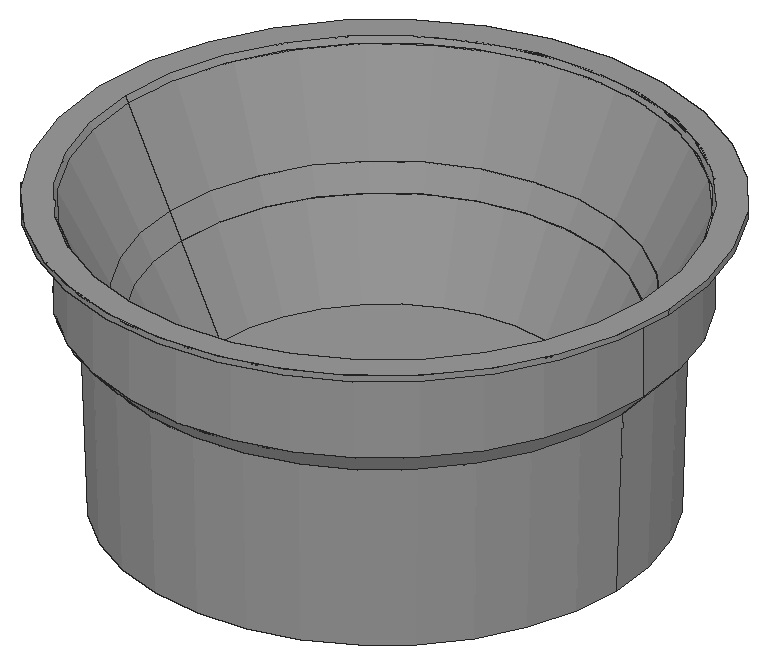
Revit family "2070146", category Lighting Fixtures, host Face, Revit 2018
Family settings
  Host = Face
  Round Connector Dimension = Use Diameter
  Part Type = Normal
  OmniClass Number = 23.80.70.00
  OmniClass Title = Lighting
  Cut with Voids When Loaded = No
  Light Source = Yes
  Shared = No
  Room Calculation Point = No
Parameters (values of type "2070146 SOLST 200  2300LM 930  DALI ")
  Weight = "n/a"
  Wattage Comments = ""
  Wattage = 9.2903 W
  WarrantyStartDate [instance] = "n/a"
  WarrantyGuarantorParts = "n/a"
  WarrantyDurationUnit = "n/a"
  WarrantyDurationParts = ""
  WarrantyDescription = "http://www.sylvania-lighting.com"
  built-in parameter 1150110 = 1 (stored number, unit not read)
  Voltage = 0 V
  URL = "0.96"
  TypeName = "Solstice 200 2300lm 930  DALI"
  Type Image = <None>
  Type Comments = "n/a"
  built-in parameter 1114217 = 1 (stored number, unit not read)
  Tilt Angle = -90.00°
  built-in parameter 1150109 = 1 (stored number, unit not read)
  built-in parameter 1150134 = 3
  built-in parameter 1150113 = 1 (stored number, unit not read)
  SerialNumber [instance] = "n/a"
  Photometric Web File = "2070146.IES"
  Material_3_SYL = none
  PowerFactor = 0
  PowerConsumption = "Lighting"
  NominalLength = 215 mm
  NominalHeight = 100 mm
  NominalDepth = 215 mm
  Name = "Solstice 200 2300lm 930  DALI"
  ModelReference = Name  # "Solstice 200 2300lm 930  DALI"
  ModelNumber = "2070146"
  Model = Name  # "Solstice 200 2300lm 930  DALI"
  Material = "Feilo Sylvania"
  ManufacturerName = "135 lm/W"
  Manufacturer = ""
  LuminousEfficacy = ""
  built-in parameter 1150105 = 109.82 (stored number, unit not read)
  Lumens = 1380 lm
  LuminaireType = "0"
  built-in parameter 1150115 = 1 (stored number, unit not read)
  LightOutputRatio = "LED"
  built-in parameter 1150137 = (empty or 0)
  built-in parameter 1150139 = (empty or 0)
  LampsType = Lamp  # "n/a"
  LampNominalLuminous = "3000 K"
  LampMacAdamStep = "90"
  LampColourTemperature = "LED"
  LampColourRenderingIndex = "16500"
  built-in parameter 1150112 = 1 (stored number, unit not read)
  built-in parameter 1150114 = 1 (stored number, unit not read)
  Lamp = "n/a"
  Keynote = "n/a"
  InstallationDate [instance] = "n/a"
  InputVoltage = "0"
  InputNominalFrequency = "3000"
  built-in parameter 1150132 = (empty or 0)
  built-in parameter 1150102 = (empty or 0)
  built-in parameter 1150107 = 3200 (stored number, unit not read)
  built-in parameter 1150138 = (empty or 0)
  IngressProtection = "IfcLightFixtureType"
  ImpactProtectionIndex = "IfcLightFixtureType"
  built-in parameter 1150106 = 1.0982 (stored number, unit not read)
  IfcExportType = "IfcLightFixtureType"
  IfcExportAs = "Class II"
  Emit from Circle Diameter = 609.6 mm
  Emit Shape Visible in Rendering = no
  ElectricShockClassification = "135"
  built-in parameter 1150104 = 13.8 (stored number, unit not read)
  DocumentationLiterature = "http://www.sylvania-lighting.com/product/en-int/products/2070146"
  DimmingControlOptions = "n/a"
  Material_2_SYL = none
  Dimming Lamp Color Temperature Shift = <None>
  Description = "The Solstice 200 2300lm 930 DALI is a high efficient DALI dimmable downlight luminaire, Colour rendering index Ra>90, Colour temperature: 3000K Warm White, Class II, Protection rating IP40/IP20, Cut out dimensions: 200mm."
  Default Elevation = 1219.2 mm
  CreatedOn = "03/08/2023"
  CreatedBy = "@sylvania-lighting.com"
  Cost = 0
  Color Filter = 16777215
  built-in parameter 1114216 [instance] = (empty or 0)
  ClassificationValue = "EF_70_80"
  ClassificationName = "Uniclass2015"
  Material_1_SYL = none
  BarCode [instance] = "n/a"
  built-in parameter 1114218 = 1 (stored number, unit not read)
  built-in parameter 1150133 = 10 (stored number, unit not read)
  AssetType = "Fixed"
  AssetIdentifier [instance] = "n/a"
  Assembly Code = "D5020200"
  Apparent Load = 17 VA
  Material_4_SYL = none
Reference planes
  plane 1 "Center (Front/Back)": y = 0
  plane 2: z = 0
  plane 3 "Center (Left/Right)": x = 0
  plane 4: x = -107.5
  plane 5: x = 107.5
  plane 6: y = 107.5
  plane 7: y = -107.5
  plane 8: z = -100
  plane 9: through (22.818, 35.261, 1219.2) normal (0.8403, -0.5421, 0)
Forms (mm)
  Extrusion 1, solid, material "Aluminum", detail levels medium+fine
    sketch origin (0, 0, 0) x (1, 0, 0) y (0, 1, 0)
      loop
        circle (0, 0) r 107.5
    from 0 to 2
  Extrusion 2, solid, material "Aluminum", detail levels medium+fine
    sketch origin (0, 0, 0) x (1, 0, 0) y (0, 1, 0)
      loop
        circle (0, 0) r 98
    from 0 to -31
  Blend 3, solid, material "Aluminum", detail levels medium+fine
    base sketch origin (0, 0, 0) x (1, 0, 0) y (0, 1, 0)
      loop
        circle (0, 0) r 98
    top sketch origin (0, 0, 0) x (1, 0, 0) y (0, 1, 0)
      loop
        circle (0, 0) r 90
    from -31 to -39.5
  Blend 4, solid, material "Aluminum", detail levels medium+fine
    base sketch origin (0, 1219.2, 38) x (1, 0, 0) y (0, 1, 0)
      loop
        circle (0, -1219.2) r 90
    top sketch origin (0, 1219.2, 38) x (1, 0, 0) y (0, 1, 0)
      loop
        circle (0, -1219.2) r 88
    from -77.5 to -138
  Blend 5, solid, material "Glass, White, High Luminance", detail levels fine
    base sketch origin (0, 1219.2, 38) x (1, 0, 0) y (0, 1, 0)
      loop
        circle (0, -1219.2) r 61.5
    top sketch origin (0, 1219.2, 38) x (1, 0, 0) y (0, 1, 0)
      loop
        circle (0, -1219.2) r 61.5
    from -108 to -106.452
  Extrusion 6, solid, material "Aluminum", detail levels medium+fine
    sketch origin (0, 1219.2, 38) x (1, 0, 0) y (0, 1, 0)
      loop
        circle (0.108, -1219.141) r 41.941
    from -137.794 to -138
  Extrusion 7, solid, detail levels coarse
    sketch origin (0, 0, 0) x (1, 0, 0) y (0, 0, 1)
      loop
        line (-107.5, 2) -> (-107.5, -100) -> (107.5, -100) -> (107.5, 2) -> (-107.5, 2)
    from -107.5 to 107.5
  Blend 8, void
    base sketch origin (0, 0, 0) x (1, 0, 0) y (0, 1, 0)
      loop
        circle (0.108, 0.059) r 98
    top sketch origin (0, 0, 0) x (1, 0, 0) y (0, 1, 0)
      loop
        circle (0.108, 0.059) r 61.5
    from 2 to -70
Cuts and joins
  Blend 8 cuts Extrusion 1
  Blend 8 cuts Extrusion 7
  Blend 8 cuts Extrusion 2
  Blend 8 cuts Blend 4
  Blend 8 cuts Blend 3
Dimensions and locks
  "NominalLength": plane 4 to plane 5
  equal spacing: plane 4, plane 3 "Center (Left/Right)", plane 5
  "NominalDepth": plane 6 to plane 7
  equal spacing: plane 6, plane 1 "Center (Front/Back)", plane 7
  "NominalHeight": level to plane 8
  aligned and locked: plane 2 to host face
  aligned and locked: level to host face
Automatic sketch dimensions
  host sketch curve to host sketch curve = 2438.4 mm  (x2)
  plane 1 "Center (Front/Back)" to Extrusion 1 sketch curve = 0 mm
  Extrusion 1 sketch curve to plane 3 "Center (Left/Right)" = 0 mm
  plane 1 "Center (Front/Back)" to Extrusion 2 sketch curve = 0 mm
  Extrusion 2 sketch curve to plane 3 "Center (Left/Right)" = 0 mm
  plane 1 "Center (Front/Back)" to Blend 3 sketch curve = 0 mm  (x2)
  Blend 3 sketch curve to plane 3 "Center (Left/Right)" = 0 mm  (x2)
  plane 1 "Center (Front/Back)" to Blend 4 sketch curve = 0 mm  (x2)
  Blend 4 sketch curve to plane 3 "Center (Left/Right)" = 0 mm  (x2)
  plane 1 "Center (Front/Back)" to Blend 5 sketch curve = 0 mm  (x2)
  Blend 5 sketch curve to plane 3 "Center (Left/Right)" = 0 mm  (x2)
  plane 3 "Center (Left/Right)" to Extrusion 6 sketch curve = 0.108 mm
  Extrusion 6 sketch curve to plane 1 "Center (Front/Back)" = 0.059 mm
  Extrusion 7 sketch curve to plane 4 = 0 mm
  plane 5 to Extrusion 7 sketch curve = 0 mm
  Extrusion 7 sketch curve to plane 8 = 0 mm
  level to Extrusion 7 sketch curve = 2 mm
  plane 9 to Blend 8 sketch curve = 0 mm  (x2)
  Blend 8 sketch curve to plane 1 "Center (Front/Back)" = 0.059 mm  (x2)
  radius of Extrusion 1 sketch curve = 107.5 mm
  radius of Extrusion 2 sketch curve = 98 mm
  radius of Blend 3 sketch curve = 98 mm
  radius of Blend 3 sketch curve = 90 mm
  radius of Blend 4 sketch curve = 90 mm
  radius of Blend 4 sketch curve = 88 mm
  radius of Blend 5 sketch curve = 61.5 mm  (x2)
  radius of Extrusion 6 sketch curve = 41.941 mm
  radius of Blend 8 sketch curve = 98 mm
  radius of Blend 8 sketch curve = 61.5 mm
Connectors
  electrical at (0.108, 0.059, -99.794)
    settings: on Extrusion 6, index 1, voltage 0 V, apparent load 0 VA, apparent load phase1 0 VA, apparent load phase2 0 VA, apparent load phase3 0 VA, power factor 1, load classification "Other", number of poles 1, system type 31, power factor state 1, is connector primary yes, connector utility no, sub classification motor no, connector description ""
